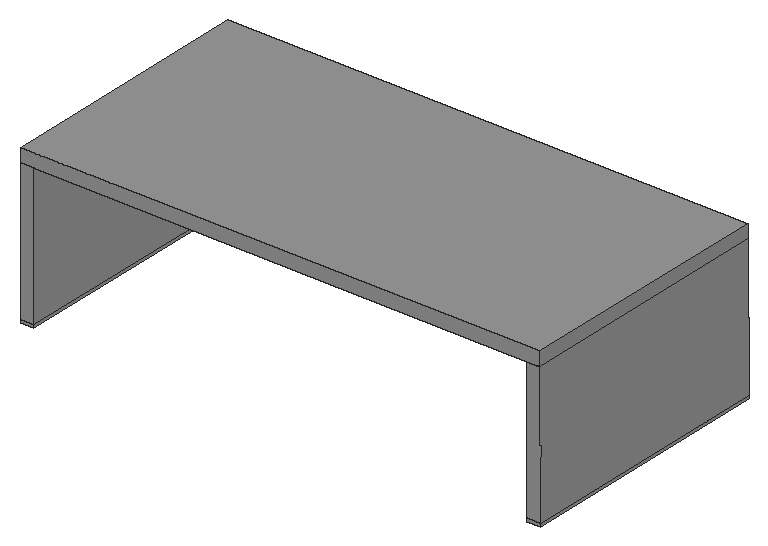
Revit family "Cocoon Community Table 48x96x29", category Generic Models, Revit 2018
Family settings
  Can host rebar = No
  Round Connector Dimension = Use Diameter
  Part Type = Normal
  Work Plane-Based = No
  Always vertical = Yes
  Cut with Voids When Loaded = No
  Shared = No
  Room Calculation Point = No
Parameters
  Frame = Cocoon Community Table 48x96x29 Frame
  Surface = Cocoon Community Table 48x96x29 Surface
Reference planes (in)
  plane 1 "Center (Front/Back)": y = 0
  plane 2: z = 0
  plane 3 "Center (Left/Right)": x = 0
Forms (in)
  Extrusion 1, solid, material "Cocoon Community Table 48x96x29 Frame" <- "Frame"
    sketch origin (0, 0, 0) x (1, 0, 0) y (0, 0, 1)
      loop
        line (-48, 0.5) -> (-48, 0) -> (-45.5, 0) -> (-45.5, 0.5) -> (-48, 0.5)
      loop
        line (48, 0.5) -> (45.5, 0.5) -> (45.5, 0) -> (48, 0) -> (48, 0.5)
    from -24 to 24
  Extrusion 2, solid, material "Cocoon Community Table 48x96x29 Surface" <- "Surface"
    sketch origin (0, 0, 0) x (1, 0, 0) y (0, 0, 1)
      loop
        line (-48, 29) -> (-48, 26.5) -> (48, 26.5) -> (48, 29) -> (-48, 29)
    from -24 to 24
  Extrusion 3, solid, material "Cocoon Community Table 48x96x29 Frame" <- "Frame"
    sketch origin (0, 0, 0) x (1, 0, 0) y (0, 0, 1)
      loop
        line (-48, 26.5) -> (-48, 0.5) -> (-45.5, 0.5) -> (-45.5, 26.5) -> (-48, 26.5)
      loop
        line (45.5, 26.5) -> (45.5, 0.5) -> (48, 0.5) -> (48, 26.5) -> (45.5, 26.5)
    from -24 to 24
  Extrusion 4, solid, material "Cocoon Community Table 48x96x29 Frame" <- "Frame"
    sketch origin (0, -90.74848, -21.58144) x (0, 1, 0) y (0, 0, 1)
      loop
        line (91.99848, 48.08144) -> (89.49848, 48.08144) -> (89.49848, 36.08144) -> (91.99848, 36.08144) -> (91.99848, 48.08144)
    from -45.5 to 45.5
Dimensions and locks (in)
  aligned and locked: level to plane 2
